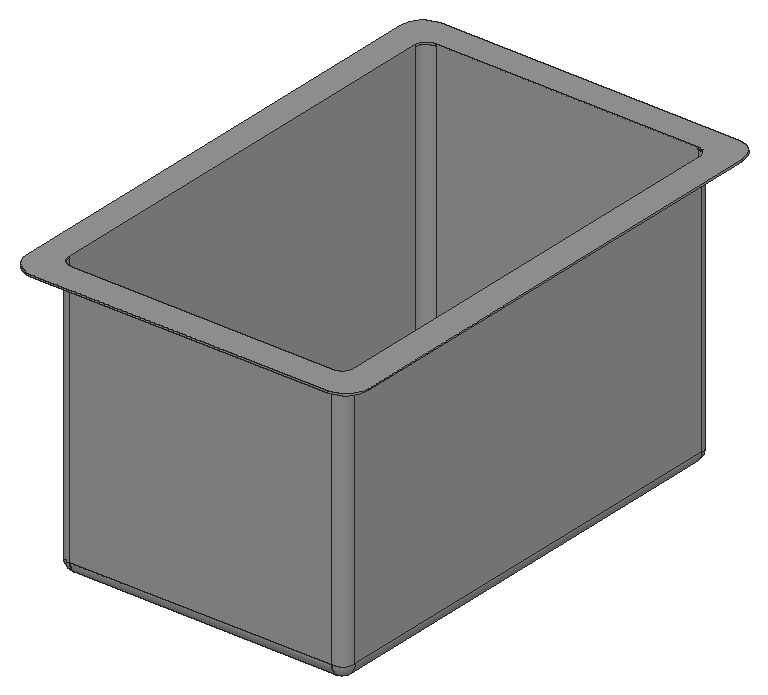
Revit family "BUILDMAT-SN101021-Jeeves-300-Stainless-Steel", category Plumbing Fixtures, host Face, Revit 2020
Family settings
  Host = Face
  Round Connector Dimension = Use Diameter
  Part Type = Normal
  Cut with Voids When Loaded = No
  Shared = No
  Room Calculation Point = No
Parameters (values of type "Jeeves 300x450x250mm")
  Width = 250.0 mm
  Undermount [instance] = 0.0 mm
  URL = "https://www.buildmat.com.au/products/jeeves-300x450-skinny-butler-sink"
  Side Sound Pad = no
  Side Brackets = no
  Model = "SN101021"  # constant formula
  Middle Sound Pad = yes
  Middle Bracket = yes
  Manufacturer URL = "https://www.buildmat.com.au/"
  Manufacturer = "BUILDMAT"  # constant formula
  Length = 400.0 mm
  Description = "BUILDMAT - Jeeves 300x450 Single Bowl Sink"  # constant formula
  Depth = 250.0 mm
  Default Elevation = 1219.2 mm
  Created By URL = "https://www.buildmat.com.au/"
  Created By = "BUILDMAT"  # constant formula
  Created = "22.06.2022"  # constant formula
  Material = BUILDMAT Stainless Steel
Reference planes
  plane 1 "Center (Front/Back)": y = 0
  plane 2: z = 0
  plane 3 "Center (Left/Right)": x = 0
  plane 4 "Top Substrate": z = 0
  plane 5 "Left": x = -125
  plane 6 "Right": x = 125
  plane 7 "Back": y = 200
  plane 8 "Front": y = -200
  plane 9: x = -150
  plane 10: x = 150
  plane 11: y = -225
  plane 12: y = 225
  plane 13 "Bottom Void": z = -250
  plane 14: z = 1.5
  plane 15: x = -126.5
  plane 16: y = -201.5
  plane 17: x = 126.5
  plane 18: y = 201.5
  plane 19: z = -240
  plane 20: z = -230
  plane 21: x = -115
  plane 22: x = 115
  plane 23: y = -190
  plane 24: y = 190
  plane 25: z = -245
  plane 26: z = -241.5
  plane 27: z = -246.5
  plane 28: x = -100
  plane 29: x = 100
  plane 30 "Sound Pad": z = -130
  plane 31 "Front Bracket": y = -100
  plane 32 "Back Bracket": y = 100
  plane 33: x = -25
  plane 34: x = 25
  plane 35: x = -57
  plane 36: x = 57
  plane 37: x = -45
  plane 38: x = 45
Forms (mm)
  Extrusion 1, void
    sketch origin (0, 0, 0) x (1, 0, 0) y (0, 1, 0)
      loop
        arc (-115, 200) -> (-122.071, 197.071) -> (-125, 190) r 10
        line (-125, 190) -> (-125, -190)
        arc (-125, -190) -> (-122.071, -197.071) -> (-115, -200) r 10
        line (-115, -200) -> (115, -200)
        arc (115, -200) -> (122.071, -197.071) -> (125, -190) r 10
        line (125, -190) -> (125, 190)
        arc (125, 190) -> (122.071, 197.071) -> (115, 200) r 10
        line (115, 200) -> (-115, 200)
    from 0 to 1.5
  Extrusion 2, void
    sketch origin (0, 0, 0) x (1, 0, 0) y (0, 1, 0)
      loop
        line (-126.5, 201.5) -> (-126.5, -201.5) -> (126.5, -201.5) -> (126.5, 201.5) -> (-126.5, 201.5)
    from 0 to -250
  Extrusion 3, void
    sketch origin (0, 0, 0) x (1, 0, 0) y (0, 1, 0)
      loop
        arc (-130, 225) -> (-144.142, 219.142) -> (-150, 205) r 20
        line (-150, 205) -> (-150, -205)
        arc (-150, -205) -> (-144.142, -219.142) -> (-130, -225) r 20
        line (-130, -225) -> (130, -225)
        arc (130, -225) -> (144.142, -219.142) -> (150, -205) r 20
        line (150, -205) -> (150, 205)
        arc (150, 205) -> (144.142, 219.142) -> (130, 225) r 20
        line (130, 225) -> (-130, 225)
    from 1.5 to 0
  Extrusion 4, solid, material "BUILDMAT Stainless Steel" <- "Material"
    sketch origin (0, 0, 0) x (-1, 0, 0) y (0, -1, 0)
      loop
        arc (130, -225) -> (144.142, -219.142) -> (150, -205) r 20
        line (150, -205) -> (150, 205)
        arc (150, 205) -> (144.142, 219.142) -> (130, 225) r 20
        line (130, 225) -> (-130, 225)
        arc (-130, 225) -> (-144.142, 219.142) -> (-150, 205) r 20
        line (-150, 205) -> (-150, -205)
        arc (-150, -205) -> (-144.142, -219.142) -> (-130, -225) r 20
        line (-130, -225) -> (130, -225)
      loop
        arc (115, -200) -> (122.071, -197.071) -> (125, -190) r 10
        line (125, -190) -> (125, 190)
        arc (125, 190) -> (122.071, 197.071) -> (115, 200) r 10
        line (115, 200) -> (-115, 200)
        arc (-115, 200) -> (-122.071, 197.071) -> (-125, 190) r 10
        line (-125, 190) -> (-125, -190)
        arc (-125, -190) -> (-122.071, -197.071) -> (-115, -200) r 10
        line (-115, -200) -> (115, -200)
    from 0 to 1.5
  Extrusion 5, solid, material "BUILDMAT Stainless Steel" <- "Material"
    sketch origin (0, 0, 0) x (-1, 0, 0) y (0, -1, 0)
      loop
        arc (115, -201.5) -> (123.132, -198.132) -> (126.5, -190) r 11.5
        line (126.5, -190) -> (126.5, 190)
        arc (126.5, 190) -> (123.132, 198.132) -> (115, 201.5) r 11.5
        line (115, 201.5) -> (-115, 201.5)
        arc (-115, 201.5) -> (-123.132, 198.132) -> (-126.5, 190) r 11.5
        line (-126.5, 190) -> (-126.5, -190)
        arc (-126.5, -190) -> (-123.132, -198.132) -> (-115, -201.5) r 11.5
        line (-115, -201.5) -> (115, -201.5)
      loop
        arc (-115, 200) -> (-122.071, 197.071) -> (-125, 190) r 10
        line (-125, 190) -> (-125, -190)
        arc (-125, -190) -> (-122.071, -197.071) -> (-115, -200) r 10
        line (-115, -200) -> (115, -200)
        arc (115, -200) -> (122.071, -197.071) -> (125, -190) r 10
        line (125, -190) -> (125, 190)
        arc (125, 190) -> (122.071, 197.071) -> (115, 200) r 10
        line (115, 200) -> (-115, 200)
    from 0 to -230
  Revolve 6, solid, material "BUILDMAT Stainless Steel" <- "Material"
    sketch origin (-175.162, 190, 1219.2) x (-1, 0, 0) y (0, 0, 1)
      loop
        line (-300.162, -1449.2) -> (-301.662, -1449.2)
        arc (-301.662, -1449.2) -> (-298.293, -1457.332) -> (-290.162, -1460.7) r 11.5
        line (-290.162, -1460.7) -> (-290.162, -1459.2)
        arc (-290.162, -1459.2) -> (-297.233, -1456.271) -> (-300.162, -1449.2) r 10
      axis (-290.162, -1460.7) -> (-290.162, -1449.2)
    angle from 0 to -90
  Revolve 7, solid, material "BUILDMAT Stainless Steel" <- "Material"
    sketch origin (-175.162, 190, 1219.2) x (-1, 0, 0) y (0, 0, 1)
      loop
        arc (-50.162, -1449.2) -> (-53.091, -1456.271) -> (-60.162, -1459.2) r 10
        line (-60.162, -1459.2) -> (-60.162, -1460.7)
        arc (-60.162, -1460.7) -> (-52.03, -1457.332) -> (-48.662, -1449.2) r 11.5
        line (-48.662, -1449.2) -> (-50.162, -1449.2)
      axis (-60.162, -1449.2) -> (-60.162, -1460.7)
    angle from 0 to -90
  Revolve 8, solid, material "BUILDMAT Stainless Steel" <- "Material"
    sketch origin (-175.162, -190, 1219.2) x (-1, 0, 0) y (0, 0, 1)
      loop
        arc (-50.162, -1449.2) -> (-53.091, -1456.271) -> (-60.162, -1459.2) r 10
        line (-60.162, -1459.2) -> (-60.162, -1460.7)
        arc (-60.162, -1460.7) -> (-52.03, -1457.332) -> (-48.662, -1449.2) r 11.5
        line (-48.662, -1449.2) -> (-50.162, -1449.2)
      axis (-60.162, -1449.2) -> (-60.162, -1460.7)
    angle from 0 to 90
  Revolve 9, solid, material "BUILDMAT Stainless Steel" <- "Material"
    sketch origin (-175.162, -190, 1219.2) x (-1, 0, 0) y (0, 0, 1)
      loop
        line (-300.162, -1449.2) -> (-301.662, -1449.2)
        arc (-301.662, -1449.2) -> (-298.293, -1457.332) -> (-290.162, -1460.7) r 11.5
        line (-290.162, -1460.7) -> (-290.162, -1459.2)
        arc (-290.162, -1459.2) -> (-297.233, -1456.271) -> (-300.162, -1449.2) r 10
      axis (-290.162, -1449.2) -> (-290.162, -1460.7)
    angle from 0 to 90
  Extrusion 10, solid, material "BUILDMAT Stainless Steel" <- "Material"
    sketch origin (0, 0, 0) x (1, 0, 0) y (0, 0, 1)
      loop
        line (-125, -230) -> (-126.5, -230)
        arc (-126.5, -230) -> (-123.132, -238.132) -> (-115, -241.5) r 11.5
        line (-115, -241.5) -> (-115, -240)
        arc (-115, -240) -> (-122.071, -237.071) -> (-125, -230) r 10
    from -190 to 190
  Extrusion 11, solid, material "BUILDMAT Stainless Steel" <- "Material"
    sketch origin (0, 0, 0) x (1, 0, 0) y (0, 0, 1)
      loop
        arc (125, -230) -> (122.071, -237.071) -> (115, -240) r 10
        line (115, -240) -> (115, -241.5)
        arc (115, -241.5) -> (123.132, -238.132) -> (126.5, -230) r 11.5
        line (126.5, -230) -> (125, -230)
    from -190 to 190
  Extrusion 12, solid, material "BUILDMAT Stainless Steel" <- "Material"
    sketch origin (0, 0, 0) x (0, 1, 0) y (0, 0, 1)
      loop
        arc (200, -230) -> (197.071, -237.071) -> (190, -240) r 10
        line (190, -240) -> (190, -241.5)
        arc (190, -241.5) -> (198.132, -238.132) -> (201.5, -230) r 11.5
        line (201.5, -230) -> (200, -230)
    from -115 to 115
  Extrusion 13, solid, material "BUILDMAT Stainless Steel" <- "Material"
    sketch origin (0, 0, 0) x (0, 1, 0) y (0, 0, 1)
      loop
        line (-200, -230) -> (-201.5, -230)
        arc (-201.5, -230) -> (-198.132, -238.132) -> (-190, -241.5) r 11.5
        line (-190, -241.5) -> (-190, -240)
        arc (-190, -240) -> (-197.071, -237.071) -> (-200, -230) r 10
    from -115 to 115
  Revolve 14, solid, material "BUILDMAT Stainless Steel" <- "Material"
    sketch origin (0, 0, 0) x (1, 0, 0) y (0, 0, 1)
      loop
        line (-45, -250) -> (-45, -248.5)
        spline (-45, -248.5) -> (-46.484, -248.459) -> (-47.939, -248.339) -> (-49.337, -248.141) -> (-50.649, -247.871) -> (-51.848, -247.537) -> (-52.908, -247.151) -> (-53.805, -246.726) -> (-54.514, -246.283) -> (-55.023, -245.856) -> (-55.329, -245.483) -> (-55.468, -245.202) -> (-55.5, -245)
        line (-55.5, -245) -> (-57, -245)
        spline (-57, -245) -> (-56.897, -245.653) -> (-56.591, -246.294) -> (-56.087, -246.913) -> (-55.392, -247.5) -> (-54.52, -248.044) -> (-53.485, -248.536) -> (-52.305, -248.967) -> (-51, -249.33) -> (-49.592, -249.619) -> (-48.106, -249.83) -> (-46.566, -249.957) -> (-45, -250)
      axis (0, -245) -> (0, -250)
    angle from 0 to 360
  Blend 15, solid, material "BUILDMAT Stainless Steel" <- "Material"
    base sketch origin (0, 0, 0) x (-1, 0, 0) y (0, -1, 0)
      loop
        circle (0, 0) r 57
    top sketch origin (0, 0, 0) x (-1, 0, 0) y (0, -1, 0)
      loop
        line (115, -190) -> (115, 190) -> (-115, 190) -> (-115, -190) -> (115, -190)
    from -246.5 to -241.5
  Blend 16, void
    base sketch origin (0, 0, 0) x (-1, 0, 0) y (0, -1, 0)
      loop
        circle (0, 0) r 57
    top sketch origin (0, 0, 0) x (-1, 0, 0) y (0, -1, 0)
      loop
        line (115, -190) -> (115, 190) -> (-115, 190) -> (-115, -190) -> (115, -190)
    from -245 to -240
  Extrusion 17, solid, material "BUILDMAT Stainless Steel" <- "Material"
    sketch origin (0, 0, 0) x (-1, 0, 0) y (0, -1, 0)
      loop
        line (115, -190) -> (115, 190) -> (-115, 190) -> (-115, -190) -> (115, -190)
    from -241.5 to -240
  Extrusion 18, void
    sketch origin (0, 0, 0) x (-1, 0, 0) y (0, -1, 0)
      loop
        circle (0, 0) r 57
    from -250 to -230
Cuts and joins
  joined: Extrusion 4, Extrusion 5
  joined: Revolve 6, Revolve 9
  joined: Revolve 7, Revolve 8
  Blend 16, Extrusion 18 cuts Blend 15
  Blend 16, Extrusion 18 cuts Extrusion 17
  joined: Blend 15, Extrusion 17
Lines and regions (mm)
  Masking region 1
    outline origin (0, 0, 0) x (1, 0, 0) y (0, 0, 1)
      loop
        line (125, 0) -> (-125, 0) -> (-125, -230)
        arc (-125, -230) -> (-122.071, -237.071) -> (-115, -240) r 10
        line (-115, -240) -> (-57, -245) -> (57, -245) -> (115, -240)
        arc (115, -240) -> (122.071, -237.071) -> (125, -230) r 10
        line (125, -230) -> (125, 0)
  Masking region 2
    outline origin (0, 0, 0) x (1, 0, 0) y (0, 0, 1)
      loop
        line (-100, -242.793) -> (-100, -250) -> (-57, -250) -> (-57, -246.5) -> (-100, -242.793)
  Masking region 3
    outline origin (0, 0, 0) x (1, 0, 0) y (0, 0, 1)
      loop
        line (57, -246.5) -> (57, -250) -> (100, -250) -> (100, -242.793) -> (57, -246.5)
Text (mm)
  text "Refer to www.buildmat.com.au for the most current product literature. \nAllow a +/- 5mm tolerance for dimensions shown in the product literature. \nPlease note product details are subject to change due to ongoing product development." at (0.056, -1035.857, 0), in view "Ref. Level"
Dimensions and locks
  "Undermount": plane 2 to plane 4 "Top Substrate"
  equal spacing: plane 5 "Left", plane 3 "Center (Left/Right)", plane 6 "Right"
  "Width": plane 5 "Left" to plane 6 "Right"
  "Length": plane 7 "Back" to plane 8 "Front"
  equal spacing: plane 7 "Back", plane 1 "Center (Front/Back)", plane 8 "Front"
  locked: plane 12 to plane 7 "Back" at 25
  locked: plane 8 "Front" to plane 11 at 25
  locked: plane 9 to plane 5 "Left" at 25
  locked: plane 6 "Right" to plane 10 at 25
  "Depth": plane 4 "Top Substrate" to plane 13 "Bottom Void"
  locked: plane 14 to plane 4 "Top Substrate" at 1.5
  locked: plane 18 to plane 7 "Back" at 1.5
  locked: plane 8 "Front" to plane 16 at 1.5
  plane 15 to plane 5 "Left" = 1.5 mm
  plane 6 "Right" to plane 17 = 1.5 mm
  plane 20 to plane 19 to plane 13 "Bottom Void" = 10.0 mm, 10.0 mm
  locked: plane 5 "Left" to plane 21 at 10
  locked: plane 22 to plane 6 "Right" at 10
  locked: plane 7 "Back" to plane 24 at 10
  locked: plane 23 to plane 8 "Front" at 10
  locked: plane 19 to plane 26 at 1.5
  locked: plane 25 to plane 13 "Bottom Void" at 5
  locked: plane 25 to plane 27 at 1.5
  plane 29 to plane 3 "Center (Left/Right)" to plane 28 = 100.0 mm locked, 100.0 mm locked
  locked: plane 30 "Sound Pad" to plane 13 "Bottom Void" at 120
  locked: plane 7 "Back" to plane 32 "Back Bracket" at 100
  locked: plane 31 "Front Bracket" to plane 8 "Front" at 100
  locked: plane 33 to plane 5 "Left" at 100
  locked: plane 6 "Right" to plane 34 at 100
  equal spacing: plane 3 "Center (Left/Right)", nested 15, plane 33
  equal spacing: plane 34, nested 16, plane 3 "Center (Left/Right)"
  plane 37 to plane 3 "Center (Left/Right)" to plane 38 = 45.0 mm locked, 45.0 mm locked
  plane 35 to plane 3 "Center (Left/Right)" to plane 36 = 57.0 mm locked, 57.0 mm locked
  aligned and locked: plane 2 to host face
  aligned and locked: level to host face
  aligned and locked: plane 8 "Front" to Extrusion 1 sketch curve
  aligned and locked: Extrusion 1 sketch curve to plane 7 "Back"
  aligned and locked: plane 5 "Left" to Extrusion 1 sketch curve
  aligned and locked: Extrusion 1 sketch curve to plane 6 "Right"
  aligned and locked: plane 2 to Extrusion 1
  aligned and locked: Extrusion 1 to plane 14
  aligned and locked: plane 16 to Extrusion 2 sketch curve
  aligned and locked: Extrusion 2 sketch curve to plane 18
  aligned and locked: plane 15 to Extrusion 2 sketch curve
  aligned and locked: plane 17 to Extrusion 2 sketch curve
  aligned and locked: Extrusion 2 to plane 13 "Bottom Void"
  aligned and locked: plane 4 "Top Substrate" to Extrusion 2
  aligned and locked: plane 11 to Extrusion 3 sketch curve
  aligned and locked: plane 9 to Extrusion 3 sketch curve
  aligned and locked: Extrusion 3 sketch curve to plane 10
  aligned and locked: Extrusion 3 sketch curve to plane 12
  aligned and locked: Extrusion 3 to plane 4 "Top Substrate"
  aligned and locked: plane 14 to Extrusion 3
  aligned and locked: plane 11 to Extrusion 4 sketch curve
  aligned and locked: Extrusion 4 sketch curve to plane 12
  aligned and locked: plane 9 to Extrusion 4 sketch curve
  aligned and locked: Extrusion 4 sketch curve to plane 10
  aligned and locked: plane 5 "Left" to Extrusion 4 sketch curve
  aligned and locked: Extrusion 4 sketch curve to plane 6 "Right"
  aligned and locked: Extrusion 4 sketch curve to plane 7 "Back"
  aligned and locked: plane 8 "Front" to Extrusion 4 sketch curve
  aligned and locked: Extrusion 5 sketch curve to plane 7 "Back"
  aligned and locked: plane 5 "Left" to Extrusion 5 sketch curve
  aligned and locked: Extrusion 5 sketch curve to plane 6 "Right"
  aligned and locked: plane 8 "Front" to Extrusion 5 sketch curve
  aligned and locked: plane 15 to Extrusion 5 sketch curve
  aligned and locked: plane 16 to Extrusion 5 sketch curve
  aligned and locked: plane 17 to Extrusion 5 sketch curve
  aligned and locked: Extrusion 5 sketch curve to plane 18
  aligned and locked: Extrusion 5 to plane 20
  aligned and locked: plane 4 "Top Substrate" to Extrusion 5
  aligned and locked: Extrusion 11 to plane 23
  aligned and locked: plane 24 to Extrusion 11
  aligned and locked: plane 24 to Extrusion 10
  aligned and locked: Extrusion 10 to plane 23
  aligned and locked: Extrusion 13 to plane 21
  aligned and locked: plane 22 to Extrusion 13
  aligned and locked: plane 22 to Extrusion 12
  aligned and locked: Extrusion 12 to plane 21
  aligned and locked: plane 21 to Blend 15 sketch curve
  aligned and locked: Blend 15 sketch curve to plane 22
  aligned and locked: plane 23 to Blend 15 sketch curve
  aligned and locked: Blend 15 sketch curve to plane 24
  aligned and locked: plane 27 to Blend 15
  aligned and locked: plane 26 to Blend 15
  aligned and locked: Blend 16 sketch curve to plane 24
  aligned and locked: plane 21 to Blend 16 sketch curve
  aligned and locked: Blend 16 sketch curve to plane 22
  aligned and locked: plane 23 to Blend 16 sketch curve
  aligned and locked: Blend 16 to plane 25
  aligned and locked: plane 19 to Blend 16
  aligned and locked: Extrusion 17 sketch curve to plane 24
  aligned and locked: plane 23 to Extrusion 17 sketch curve
  aligned and locked: plane 21 to Extrusion 17 sketch curve
  aligned and locked: Extrusion 17 sketch curve to plane 22
  aligned and locked: Extrusion 17 to plane 26
  aligned and locked: plane 19 to Extrusion 17
  aligned and locked: Extrusion 18 to plane 13 "Bottom Void"
  aligned and locked: plane 20 to Extrusion 18
  aligned and locked: cut or joined group of Blend 15, Blend 16, Extrusion 17, Extrusion 18 to Masking region 2 sketch curve
  aligned and locked: Masking region 3 sketch curve to cut or joined group of Blend 15, Blend 16, Extrusion 17, Extrusion 18
  aligned and locked: plane 3 "Center (Left/Right)" to nested 1
  aligned and locked: nested 1 to plane 4 "Top Substrate"
  aligned and locked: plane 3 "Center (Left/Right)" to nested 2
  aligned and locked: nested 2 to plane 30 "Sound Pad"
  aligned and locked: nested 3 to plane 18
  aligned and locked: plane 3 "Center (Left/Right)" to nested 3
  aligned and locked: plane 16 to nested 4
  aligned and locked: nested 4 to plane 3 "Center (Left/Right)"
  aligned and locked: plane 31 "Front Bracket" to nested 6
  aligned and locked: plane 15 to nested 6
  aligned and locked: nested 8 to plane 31 "Front Bracket"
  aligned and locked: plane 17 to nested 8
  aligned and locked: nested 7 to plane 32 "Back Bracket"
  aligned and locked: plane 17 to nested 7
  aligned and locked: plane 32 "Back Bracket" to nested 5
  aligned and locked: plane 15 to nested 5
  aligned and locked: nested 9 to plane 4 "Top Substrate"
  aligned and locked: nested 9 to plane 33
  aligned and locked: nested 10 to plane 4 "Top Substrate"
  aligned and locked: nested 10 to plane 34
  aligned and locked: nested 13 to plane 33
  aligned and locked: nested 14 to plane 34
  aligned and locked: plane 16 to nested 13
  aligned and locked: plane 16 to nested 14
  aligned and locked: plane 33 to nested 11
  aligned and locked: nested 11 to plane 18
  aligned and locked: plane 34 to nested 12
  aligned and locked: nested 12 to plane 18
  aligned and locked: nested 15 to plane 30 "Sound Pad"
  aligned and locked: nested 16 to plane 30 "Sound Pad"
  aligned and locked: plane 23 to nested 17
  aligned and locked: plane 24 to nested 17
  aligned and locked: plane 22 to nested 17
  aligned and locked: plane 21 to nested 17
  aligned and locked: plane 3 "Center (Left/Right)" to nested 18
  aligned and locked: plane 1 "Center (Front/Back)" to nested 18
  aligned and locked: plane 4 "Top Substrate" to Masking region 1
Automatic sketch dimensions
  host sketch curve to host sketch curve = 2438.4 mm  (x2)
  plane 5 "Left" to Extrusion 1 sketch curve = 10.0 mm  (x2)
  Extrusion 1 sketch curve to plane 6 "Right" = 10.0 mm  (x2)
  Extrusion 4 sketch curve to plane 10 = 20.0 mm  (x2)
  Extrusion 4 sketch curve to Extrusion 4 sketch curve = 10.0 mm  (x2)
  plane 5 "Left" to Extrusion 4 sketch curve = 10.0 mm
  plane 9 to Extrusion 4 sketch curve = 20.0 mm
  plane 8 "Front" to Extrusion 4 sketch curve = 10.0 mm
  plane 11 to Extrusion 4 sketch curve = 20.0 mm
  Extrusion 3 sketch curve to plane 5 "Left" = 5.0 mm
  plane 6 "Right" to Extrusion 3 sketch curve = 5.0 mm  (x2)
  plane 7 "Back" to Extrusion 3 sketch curve = 5.0 mm
  plane 5 "Left" to Extrusion 5 sketch curve = 10.0 mm
  Extrusion 5 sketch curve to plane 6 "Right" = 10.0 mm
  plane 8 "Front" to Extrusion 5 sketch curve = 10.0 mm
  Extrusion 5 sketch curve to plane 7 "Back" = 10.0 mm
  Extrusion 5 sketch curve to Extrusion 5 sketch curve = 0.0 mm  (x4)
  Revolve 6 sketch curve to Revolve 6 sketch curve = 0.0 mm  (x3)
  plane 17 to Revolve 6 sketch curve = 0.0 mm
  Revolve 6 sketch curve to plane 6 "Right" = 0.0 mm
  Revolve 6 sketch curve to plane 22 = 0.0 mm  (x2)
  Revolve 6 sketch curve to plane 19 = 0.0 mm
  Revolve 6 sketch curve to plane 20 = 0.0 mm
  Revolve 7 sketch curve to Revolve 7 sketch curve = 0.0 mm  (x3)
  Revolve 7 sketch curve to plane 20 = 0.0 mm  (x2)
  Revolve 7 sketch curve to plane 21 = 0.0 mm  (x2)
  Revolve 7 sketch curve to plane 5 "Left" = 0.0 mm
  Revolve 7 sketch curve to plane 15 = 0.0 mm
  Revolve 8 sketch curve to Revolve 8 sketch curve = 0.0 mm  (x3)
  Revolve 8 sketch curve to plane 20 = 0.0 mm  (x2)
  Revolve 8 sketch curve to plane 21 = 0.0 mm  (x2)
  Revolve 8 sketch curve to plane 5 "Left" = 0.0 mm
  Revolve 8 sketch curve to plane 15 = 0.0 mm
  Revolve 9 sketch curve to Revolve 9 sketch curve = 0.0 mm  (x3)
  plane 17 to Revolve 9 sketch curve = 0.0 mm
  Revolve 9 sketch curve to plane 6 "Right" = 0.0 mm
  Revolve 9 sketch curve to plane 22 = 0.0 mm  (x2)
  Revolve 9 sketch curve to plane 20 = 0.0 mm
  Revolve 9 sketch curve to plane 19 = 0.0 mm
  Extrusion 10 sketch curve to plane 15 = 0.0 mm
  Extrusion 10 sketch curve to plane 5 "Left" = 0.0 mm
  Extrusion 10 sketch curve to plane 19 = 0.0 mm
  Extrusion 10 sketch curve to plane 21 = 0.0 mm
  Extrusion 11 sketch curve to plane 20 = 0.0 mm
  Extrusion 11 sketch curve to plane 22 = 0.0 mm
  Extrusion 11 sketch curve to plane 6 "Right" = 0.0 mm
  plane 17 to Extrusion 11 sketch curve = 0.0 mm
  Extrusion 12 sketch curve to plane 20 = 0.0 mm
  Extrusion 12 sketch curve to plane 24 = 0.0 mm
  Extrusion 12 sketch curve to plane 7 "Back" = 0.0 mm
  Extrusion 12 sketch curve to plane 18 = 0.0 mm
  Extrusion 13 sketch curve to plane 16 = 0.0 mm
  Extrusion 13 sketch curve to plane 8 "Front" = 0.0 mm
  Extrusion 13 sketch curve to plane 23 = 0.0 mm
  Extrusion 13 sketch curve to plane 19 = 0.0 mm
  Revolve 14 sketch curve to plane 25 = 0.0 mm
  Revolve 14 sketch curve to plane 13 "Bottom Void" = 0.0 mm  (x2)
  Revolve 14 sketch curve to plane 3 "Center (Left/Right)" = 0.0 mm
  Revolve 14 sketch curve to plane 20 = 0.0 mm
  Revolve 14 sketch curve to plane 3 "Center (Left/Right)" = 45.0 mm
  Revolve 14 sketch curve to Revolve 14 sketch curve = 10.5 mm
  Revolve 14 sketch curve to Revolve 14 sketch curve = 1.5 mm  (x2)
  Revolve 14 sketch curve to Revolve 14 sketch curve = 0.0 mm
  plane 1 "Center (Front/Back)" to Blend 15 sketch curve = 0.0 mm
  Blend 15 sketch curve to plane 3 "Center (Left/Right)" = 0.0 mm
  plane 1 "Center (Front/Back)" to Blend 16 sketch curve = 0.0 mm
  Blend 16 sketch curve to plane 3 "Center (Left/Right)" = 0.0 mm
  plane 1 "Center (Front/Back)" to Extrusion 18 sketch curve = 0.0 mm
  Extrusion 18 sketch curve to plane 3 "Center (Left/Right)" = 0.0 mm
  Masking region 1 sketch curve to level = 0.0 mm
  Masking region 1 sketch curve to plane 20 = 0.0 mm
  Masking region 1 sketch curve to plane 21 = 0.0 mm
  Masking region 1 sketch curve to plane 25 = 0.0 mm
  Masking region 1 sketch curve to plane 3 "Center (Left/Right)" = 57.0 mm
  plane 3 "Center (Left/Right)" to Masking region 1 sketch curve = 57.0 mm
  Masking region 1 sketch curve to plane 19 = 0.0 mm
  Masking region 1 sketch curve to plane 22 = 0.0 mm
  Masking region 1 sketch curve to plane 6 "Right" = 0.0 mm
  Masking region 1 sketch curve to plane 5 "Left" = 0.0 mm
  Masking region 2 sketch curve to plane 28 = 0.0 mm
  Masking region 2 sketch curve to plane 13 "Bottom Void" = 0.0 mm
  Masking region 2 sketch curve to plane 27 = 0.0 mm
  Masking region 3 sketch curve to plane 27 = 0.0 mm
  Masking region 3 sketch curve to plane 13 "Bottom Void" = 0.0 mm
  Masking region 3 sketch curve to plane 29 = 0.0 mm
  radius of Blend 15 sketch curve = 57.0 mm
  radius of Blend 16 sketch curve = 57.0 mm
  radius of Extrusion 18 sketch curve = 57.0 mm
Nested families
  nested 1: "TMB_Front" at (0, 0, 0) x (1, 0, 0) z (0, -1, 0), visible <- "Middle Bracket", type "TMB_Front"
  nested 2: "SP_Front" at (0, 0, -130) x (1, 0, 0) z (0, -1, 0), visible <- "Middle Sound Pad", type "SP_Front"
  nested 3: "TMB_Plan" at (0, 201.5, 0), visible <- "Middle Bracket", type "TMB_Plan"
  nested 4: "TMB_Plan" at (0, -201.5, 0) x (-1, 0, 0) z (0, 0, 1), visible <- "Middle Bracket", type "TMB_Plan"
  nested 5: "TMB_Plan" at (-126.5, 100, 0) x (0, 1, 0) z (0, 0, 1), type "TMB_Plan"
  nested 6: "TMB_Plan" at (-126.5, -100, 0) x (0, 1, 0) z (0, 0, 1), type "TMB_Plan"
  nested 7: "TMB_Plan" at (126.5, 100, 0) x (0, -1, 0) z (0, 0, 1), type "TMB_Plan"
  nested 8: "TMB_Plan" at (126.5, -100, 0) x (0, -1, 0) z (0, 0, 1), type "TMB_Plan"
  nested 9: "TMB_Front" at (-25, 0, 0) x (1, 0, 0) z (0, -1, 0), visible <- "Side Brackets", type "TMB_Front"
  nested 10: "TMB_Front" at (25, 0, 0) x (1, 0, 0) z (0, -1, 0), visible <- "Side Brackets", type "TMB_Front"
  nested 11: "TMB_Plan" at (-25, 201.5, 0), visible <- "Side Brackets", type "TMB_Plan"
  nested 12: "TMB_Plan" at (25, 201.5, 0), visible <- "Side Brackets", type "TMB_Plan"
  nested 13: "TMB_Plan" at (-25, -201.5, 0) x (-1, 0, 0) z (0, 0, 1), visible <- "Side Brackets", type "TMB_Plan"
  nested 14: "TMB_Plan" at (25, -201.5, 0) x (-1, 0, 0) z (0, 0, 1), visible <- "Side Brackets", type "TMB_Plan"
  nested 15: "SP_Front" at (-12.5, 0, -130) x (1, 0, 0) z (0, -1, 0), visible <- "Side Sound Pad", type "SP_Front"
  nested 16: "SP_Front" at (12.5, 0, -130) x (1, 0, 0) z (0, -1, 0), visible <- "Side Sound Pad", type "SP_Front"
  nested 17: "BOWL Plan" at (0, 0, -130), type "BOWL Plan"
    with Width 230.0 mm, Lenght 380.0 mm
  nested 18: "DRAIN" at (0, 0, 0), type "DRAIN"
Definition of nested family "TMB_Front"
  Reference planes
    plane 1 "Center (Elevation)": y = 0
    plane 2: z = 0
    plane 3 "Center (Left/Right)": x = 0
  Lines and regions (mm)
    Masking region 1, in view "Ref. Level"
      outline origin (0, 0, 0) x (1, 0, 0) y (0, 1, 0)
        loop
          line (-17.5, 0) -> (-17.5, -80) -> (17.5, -80) -> (17.5, 0) -> (-17.5, 0)
    detail lines, in view "Ref. Level"
      curve 1: line (-17.5, 0, 0) -> (-17.5, -80, 0)
      curve 2: line (-17.5, -80, 0) -> (17.5, -80, 0)
      curve 3: line (17.5, -80, 0) -> (17.5, 0, 0)
      curve 4: line (-12.5, -50, 0) -> (12.5, -50, 0)
      curve 5: line (-12.5, -75, 0) -> (-12.5, -50, 0)
      curve 6: line (12.5, -75, 0) -> (-12.5, -75, 0)
      curve 7: line (12.5, -50, 0) -> (12.5, -75, 0)
Definition of nested family "SP_Front"
  Reference planes
    plane 1 "Center (Elevation)": y = 0
    plane 2: z = 0
    plane 3 "Center (Left/Right)": x = 0
  Lines and regions (mm)
    Masking region 1, in view "Ref. Level"
      outline origin (0, 0, 0) x (1, 0, 0) y (0, 1, 0)
        loop
          arc (-50, 40) -> (-57.071, 37.071) -> (-60, 30) r 10
          line (-60, 30) -> (-60, -30)
          arc (-60, -30) -> (-57.071, -37.071) -> (-50, -40) r 10
          line (-50, -40) -> (50, -40)
          arc (50, -40) -> (57.071, -37.071) -> (60, -30) r 10
          line (60, -30) -> (60, 30)
          arc (60, 30) -> (57.071, 37.071) -> (50, 40) r 10
          line (50, 40) -> (-50, 40)
    detail lines, in view "Ref. Level"
      curve 1: line (-50, 40, 0) -> (50, 40, 0)
      curve 2: line (50, -40, 0) -> (-50, -40, 0)
      curve 3: line (60, 30, 0) -> (60, -30, 0)
      curve 4: line (-60, 30, 0) -> (-60, -30, 0)
      curve 5: arc (-50, 40, 0) -> (-57.071, 37.071, 0) -> (-60, 30, 0) r 10
      curve 6: arc (-60, -30, 0) -> (-57.071, -37.071, 0) -> (-50, -40, 0) r 10
      curve 7: arc (50, -40, 0) -> (57.071, -37.071, 0) -> (60, -30, 0) r 10
      curve 8: arc (60, 30, 0) -> (57.071, 37.071, 0) -> (50, 40, 0) r 10
  Dimensions and locks
    aligned and locked: Masking region 1 sketch curve to curve 1
    aligned and locked: Masking region 1 sketch curve to curve 4
    aligned and locked: Masking region 1 sketch curve to curve 2
    aligned and locked: Masking region 1 sketch curve to curve 3
Definition of nested family "TMB_Plan"
  Reference planes
    plane 1 "Center (Front/Back)": y = 0
    plane 2: z = 0
    plane 3 "Center (Left/Right)": x = 0
  Lines and regions (mm)
    detail lines, in view "Ref. Level"
      curve 1: line (-17.5, 0, 0) -> (17.5, 0, 0)
      curve 2: line (17.5, 0, 0) -> (17.5, 5, 0)
      curve 3: line (17.5, 5, 0) -> (12.5, 5, 0)
      curve 4: line (-17.5, 0, 0) -> (-17.5, 5, 0)
      curve 5: line (-17.5, 5, 0) -> (-12.5, 5, 0)
Definition of nested family "BOWL Plan"
  Parameters (values of type "BOWL Plan")
    Width [instance] = 600.0 mm
    Lenght [instance] = 400.0 mm
  Reference planes
    plane 1 "Center (Front/Back)": y = 0
    plane 2: z = 0
    plane 3 "Center (Left/Right)": x = 0
    plane 4 "Left": x = -300
    plane 5 "Right": x = 300
    plane 6 "Back": y = 200
    plane 7 "Front": y = -200
  Lines and regions (mm)
    Masking region 1, in view "Ref. Level"
      outline origin (0, 0, 0) x (1, 0, 0) y (0, 1, 0)
        loop
          line (-300, 200) -> (-300, -200) -> (300, -200) -> (300, 200) -> (-300, 200)
    detail lines, in view "Ref. Level"
      curve 1: line (-300, 200, 0) -> (300, -200, 0)
      curve 2: line (-300, -200, 0) -> (300, 200, 0)
  Dimensions and locks
    equal spacing: plane 6 "Back", plane 1 "Center (Front/Back)", plane 7 "Front"
    "Lenght": plane 6 "Back" to plane 7 "Front"
    equal spacing: plane 4 "Left", plane 3 "Center (Left/Right)", plane 5 "Right"
    "Width": plane 4 "Left" to plane 5 "Right"
    aligned and locked: plane 4 "Left" to Masking region 1 sketch curve
    aligned and locked: Masking region 1 sketch curve to plane 5 "Right"
    aligned and locked: plane 7 "Front" to Masking region 1 sketch curve
    aligned and locked: Masking region 1 sketch curve to plane 6 "Back"
  Automatic sketch dimensions
    curve 2 to plane 4 "Left" = 0.0 mm
    curve 1 to plane 4 "Left" = 0.0 mm
    curve 2 to plane 5 "Right" = 0.0 mm
    curve 1 to plane 5 "Right" = 0.0 mm
    curve 1 to plane 7 "Front" = 0.0 mm
    curve 2 to plane 7 "Front" = 0.0 mm
    curve 2 to plane 6 "Back" = 0.0 mm
    curve 1 to plane 6 "Back" = 0.0 mm
Definition of nested family "DRAIN"
  Reference planes
    plane 1 "Center (Front/Back)": y = 0
    plane 2: z = 0
    plane 3 "Center (Left/Right)": x = 0
  Lines and regions (mm)
    Masking region 1, in view "Ref. Level"
      outline origin (0, 0, 0) x (1, 0, 0) y (0, 1, 0)
        loop
          circle (0, 0) r 57
    detail lines, in view "Ref. Level"
      curve 1: circle (0, 0, 0) r 45 normal (0, 0, 1)
      curve 2: circle (0, 0, 0) r 55.5 normal (0, 0, 1)
